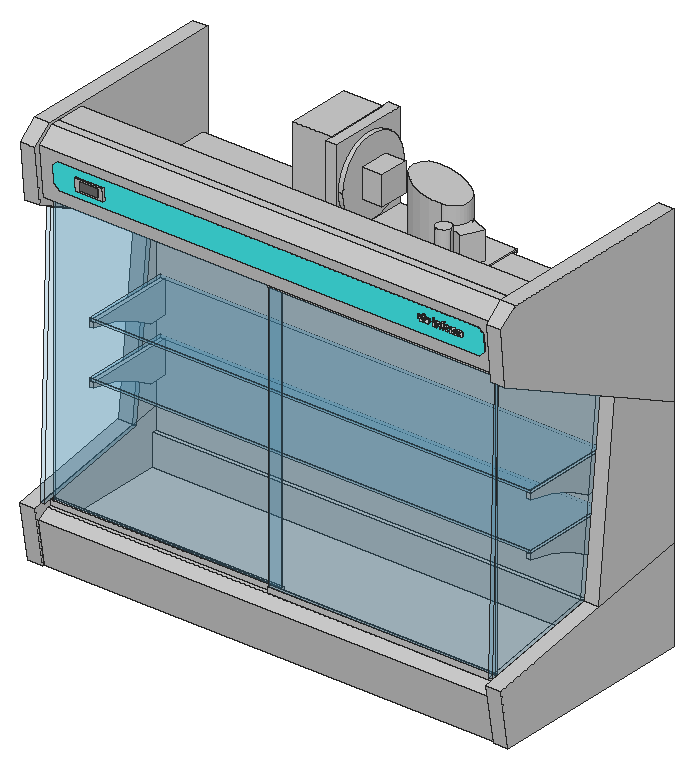
Revit family "QF_INFRICO_VMS1350I_250815025603", category Specialty Equipment, Revit 2021
Family settings
  Round Connector Dimension = Use Diameter
  Part Type = Normal
  OmniClass Number = 23.40.40.14
  OmniClass Title = Food Service Equipment
  Work Plane-Based = No
  Always vertical = Yes
  Cut with Voids When Loaded = No
  Shared = No
  Room Calculation Point = No
Parameters (values of type "VMS1350I")
  Weight [instance] = 121.00 kg
  Warranty Start Date [instance] = ""
  Warranty Duration [instance] = ""
  Volts [instance] = 230 V
  Volt Free Conn [instance] = no
  URL Recommended Spares List [instance] = ""
  URL Manufacturer [instance] = ""
  URL Cutsheet [instance] = ""
  URL Critical Spares List [instance] = ""
  URL = "www.infrico.com"
  Technical Documentation [instance] = ""
  Tag Number [instance] = ""
  Status [instance] = ""
  Start Up Current [instance] = 0 A
  Specification by User [instance] = ""
  Specification by Manufacturer [instance] = ""
  Sound Level [instance] = ""
  Show Logo [instance] = yes
  Show Clearances [instance] = yes
  Service Life Duration [instance] = ""
  Serial Number [instance] = ""
  Seismic Rating [instance] = ""
  SMACNA No [instance] = ""
  Revision Code [instance] = ""
  Revision [instance] = ""
  Production Year [instance] = ""
  Potential Equalisation [instance] = no
  Point Load [instance] = 0
  Phase [instance] = 1
  Other Equipment Approvals [instance] = ""
  Operational Current [instance] = 0 A
  Number of Poles [instance] = 2
  No Load Power Draw [instance] = no
  NAFEM Spec ID Number [instance] = ""
  Model Warning [instance] = ""
  Model = "VMS1350I"
  Min Ckt Ampacity [instance] = 0 A
  Max Overcurrent Protection [instance] = 0 A
  Masterspec [instance] = ""
  Manufacturer = "INFRICO"
  Main switch integrated [instance] = no
  Length Actual [instance] = 1337.056 mm
  Item Number [instance] = ""
  Installed By [instance] = ""
  Installation Date [instance] = ""
  Identify Quantity as Lot [instance] = no
  ID [instance] = ""
  Hygiene Approval [instance] = ""
  Height Actual [instance] = 1109.98 mm
  HP power [instance] = ""
  Furnished By [instance] = ""
  Foodservice Equipment Identifier [instance] = no
  FL Amps [instance] = 0 A
  Electrical Remarks [instance] = ""
  Electric power [instance] = 540 W
  Electric Connection Type [instance] = ""
  Elec Conn RI Height [instance] = 0 mm
  Elec Conn Connection Height [instance] = 0 mm
  ETL Approved [instance] = no
  Description = "WALL DISPLAY CASES - VMS SERIES - R134A"
  Depth Actual [instance] = 601.98 mm
  Default Elevation = 0 mm
  Cycle [instance] = 50 Hz
  Cost = 0
  Connection to energy optimisation system [instance] = yes
  Conn Plug [instance] = ""
  Conn Conduit [instance] = no
  Centralized building control system with digital interface [instance] = ""
  CSI MasterFormat [instance] = ""
  CE Approved [instance] = no
  Barcode [instance] = 0
  Author [instance] = ""
  Asset Identifier [instance] = ""
  Apparent Power [instance] = 540 VA
  Accessory [instance] = no
Reference planes
  plane 1 "Center (Front/Back)": y = 0
  plane 2: z = 0
  plane 3 "Center (Left/Right)": x = 0
Forms (mm)
  Extrusion 1, solid, not visible
    sketch origin (1247.061, -46.002, 68.003) x (1, 0, 0) y (0, 1, 0)
      loop
        line (-2, 2) -> (-2, -2) -> (2, -2) -> (2, 2) -> (-2, 2)
    from -2 to 2
Dimensions and locks
  locked: nested 2 to Extrusion 1 at 2  (x2)
  aligned and locked: level to plane 2
Nested families
  nested 1: "QF_INFRICO_VMS1350I_2920" at (0, 0, 0), type "VMS1350I"
    with Weight 121.00 kg, Warranty Start Date "", Warranty Duration "", URL Cutsheet "", Technical Documentation "", Tag Number "", Status "", Specification by User "", Specification by Manufacturer "", Sound Level "", Solid Fuel Type "", Show Logo yes, Show Clearances yes, Show Clearance yes, Service Life Duration "", Serial Number "", Seismic Rating "", SMACNA No "", Revision Code "", Revision "", Production Year "", Point Load 0, Other Equipment Approvals "", NAFEM Spec ID Number "", Model Warning "", Masterspec "", Length Actual 1337.056 mm, Item Number "", Installed By "", Installation Date "", Identify Quantity as Lot yes, ID "", Hygiene Approval "", Height Actual 1109.98 mm, Furnished By "", Foodservice Equipment Identifier yes, ETL Approved yes, Depth Actual 601.98 mm, CSI MasterFormat "", CE Approved no, Barcode "", Author "", Asset Identifier "", Accessory no
  nested 2: "CONN_POINT_ELE_2D___Generic_Annotation" at (1247.061, -46.002, 66.003), type "CONN_POINT_ELE_2D___Generic_Annotation"
    with Onboard connection annotation symbol visibility yes
Connectors
  electrical at (1247.061, -46.002, 66.003), driven by "Apparent Power", driven by "Number of Poles", driven by "Volts"
    settings: on Extrusion 1, index 1, voltage 230 V, apparent load 0 VA, apparent load phase1 540 VA, apparent load phase2 0 VA, apparent load phase3 0 VA, power factor 1, load classification "Other", number of poles 2, system type 31, power factor state 1, is connector primary yes, connector utility no, sub classification motor no, connector description "Electrical connection for VMS1350I"
Definition of nested family "QF_INFRICO_VMS1350I_2920"
  Parameters (values of type "VMS1350I")
    Weight [instance] = 0.00 kg
    Warranty Start Date [instance] = ""
    Warranty Duration [instance] = ""
    URL Cutsheet [instance] = ""
    URL = "www.jestic.co.uk"
    Technical Documentation [instance] = ""
    Tag Number [instance] = ""
    Status [instance] = ""
    Specification by User [instance] = ""
    Specification by Manufacturer [instance] = ""
    Sound Level [instance] = ""
    Solid Fuel Type [instance] = ""
    Show Logo [instance] = yes
    Show Clearances [instance] = yes
    Show Clearance [instance] = yes
    Service Life Duration [instance] = ""
    Serial Number [instance] = ""
    Seismic Rating [instance] = ""
    SMACNA No [instance] = ""
    Revision Code [instance] = ""
    Revision [instance] = ""
    Production Year [instance] = ""
    Point Load [instance] = 0
    Other Equipment Approvals [instance] = ""
    NAFEM Spec ID Number [instance] = ""
    Model Warning [instance] = ""
    Model = "VMS1350I"
    Masterspec [instance] = ""
    Manufacturer = "INFRICO"
    Length Actual [instance] = 0 mm
    Item Number [instance] = ""
    Installed By [instance] = ""
    Installation Date [instance] = ""
    Identify Quantity as Lot [instance] = yes
    ID [instance] = ""
    Hygiene Approval [instance] = ""
    Height Actual [instance] = 0 mm
    Furnished By [instance] = ""
    Foodservice Equipment Identifier [instance] = yes
    ETL Approved [instance] = yes
    Description = "WALL DISPLAY CASES - VMS SERIES - R134A"
    Depth Actual [instance] = 0 mm
    Default Elevation = 0 mm
    CSI MasterFormat [instance] = ""
    CE Approved [instance] = yes
    Barcode [instance] = ""
    Author [instance] = ""
    Asset Identifier [instance] = ""
    Assembly Code = "E1090320"
    Accessory [instance] = yes
  Reference planes
    plane 1 "Back": y = 0
    plane 2: z = 0
    plane 3 "Left": x = 0
    plane 4 "Right": x = 1337
    plane 5 "Front": y = -601.968
    plane 6 "Top": z = 1110
  Forms (mm)
    Extrusion 1, solid
      sketch origin (0, 0, 0) x (0, 1, 0) y (0, 0, 1)
        loop
          line (0, 1110) -> (-550, 1110) -> (-600, 1070) -> (-585, 920) -> (0, 628) -> (0, 1110)
      from 0 to 40
    Extrusion 2, solid
      sketch origin (0, 0, 0) x (0, 1, 0) y (0, 0, 1)
        loop
          line (-203, 729.326) -> (-258.935, 229.911) -> (0, 275.331) -> (0, 628) -> (-203, 729.326)
      from 0 to 40
    Extrusion 3, solid
      sketch origin (1297, 0, 0) x (0, 1, 0) y (0, 0, 1)
        loop
          line (0, 1110) -> (-550, 1110) -> (-600, 1070) -> (-585, 920) -> (0, 628) -> (0, 1110)
      from 0 to 40
    Extrusion 4, solid
      sketch origin (1297, 0, 0) x (0, 1, 0) y (0, 0, 1)
        loop
          line (-203, 729.326) -> (-258.935, 229.911) -> (0, 275.331) -> (0, 628) -> (-203, 729.326)
      from 0 to 40
    Extrusion 5, solid
      sketch origin (0, 0.742, 0) x (0, 1, 0) y (0, 0, 1)
        loop
          line (-538.742, 16) -> (-538.742, 156) -> (-558.742, 156) -> (-591.695, 136.598) -> (-570.742, 16) -> (-538.742, 16)
      from 40 to 1297
    Revolve 6, solid
      sketch origin (60, -117, 0) x (0, 1, 0) y (0, 0, 1)
        loop
          line (0, 0) -> (20, 0)
          arc (20, 0) -> (23.536, 1.464) -> (25, 5) r 5
          line (25, 5) -> (25, 10) -> (15, 10) -> (15, 15) -> (7, 15) -> (7, 16) -> (0, 16) -> (0, 0)
        axis (0, 0) -> (0, 16)
      angle from 0 to 360
    Revolve 7, solid
      sketch origin (60, -477, 0) x (0, 1, 0) y (0, 0, 1)
        loop
          line (0, 0) -> (20, 0)
          arc (20, 0) -> (23.536, 1.464) -> (25, 5) r 5
          line (25, 5) -> (25, 10) -> (15, 10) -> (15, 15) -> (7, 15) -> (7, 16) -> (0, 16) -> (0, 0)
        axis (0, 0) -> (0, 16)
      angle from 0 to 360
    Revolve 8, solid
      sketch origin (1284, -117, 0) x (0, 1, 0) y (0, 0, 1)
        loop
          line (0, 0) -> (20, 0)
          arc (20, 0) -> (23.536, 1.464) -> (25, 5) r 5
          line (25, 5) -> (25, 10) -> (15, 10) -> (15, 15) -> (7, 15) -> (7, 16) -> (0, 16) -> (0, 0)
        axis (0, 0) -> (0, 16)
      angle from 0 to 360
    Revolve 9, solid
      sketch origin (1284, -477, 0) x (0, 1, 0) y (0, 0, 1)
        loop
          line (0, 0) -> (20, 0)
          arc (20, 0) -> (23.536, 1.464) -> (25, 5) r 5
          line (25, 5) -> (25, 10) -> (15, 10) -> (15, 15) -> (7, 15) -> (7, 16) -> (0, 16) -> (0, 0)
        axis (0, 0) -> (0, 16)
      angle from 0 to 360
    Extrusion 10, solid
      sketch origin (341, -40, 0) x (1, 0, 0) y (0, 0, 1)
        loop
          line (932.5, 16) -> (953.5, 16)
          arc (953.5, 16) -> (955.268, 16.732) -> (956, 18.5) r 2.5
          line (956, 18.5) -> (956, 63.5)
          arc (956, 63.5) -> (955.268, 65.268) -> (953.5, 66) r 2.5
          line (953.5, 66) -> (932.5, 66)
          arc (932.5, 66) -> (930.732, 65.268) -> (930, 63.5) r 2.5
          line (930, 63.5) -> (930, 18.5)
          arc (930, 18.5) -> (930.732, 16.732) -> (932.5, 16) r 2.5
      from 0 to 500
    Extrusion 11, solid
      sketch origin (-883, -40, 0) x (1, 0, 0) y (0, 0, 1)
        loop
          line (932.5, 16) -> (953.5, 16)
          arc (953.5, 16) -> (955.268, 16.732) -> (956, 18.5) r 2.5
          line (956, 18.5) -> (956, 63.5)
          arc (956, 63.5) -> (955.268, 65.268) -> (953.5, 66) r 2.5
          line (953.5, 66) -> (932.5, 66)
          arc (932.5, 66) -> (930.732, 65.268) -> (930, 63.5) r 2.5
          line (930, 63.5) -> (930, 18.5)
          arc (930, 18.5) -> (930.732, 16.732) -> (932.5, 16) r 2.5
      from 0 to 500
    Extrusion 12, solid
      sketch origin (0, 0, 0) x (0, 1, 0) y (0, 0, 1)
        loop
          line (0, 275.331) -> (-601.968, 169.737) -> (-575, 16) -> (0, 16) -> (0, 275.331)
      from 0 to 40
    Extrusion 13, solid
      sketch origin (0, 0, 0) x (0, 1, 0) y (0, 0, 1)
        loop
          line (-40, 66) -> (-40, 106) -> (-138, 106) -> (-138, 66) -> (-40, 66)
      from 47 to 1297
    Extrusion 14, solid
      sketch origin (46, 0, 0) x (0, 1, 0) y (0, 0, 1)
        loop
          line (-540, 66) -> (-165, 66) -> (-165, 152) -> (-18, 152) -> (-18, 855) -> (-219, 855) -> (-441, 1029) -> (-520, 1029) -> (-520, 999) -> (-451.356, 999) -> (-229.356, 825) -> (-48, 825) -> (-48, 182) -> (-195, 182) -> (-195, 96) -> (-540, 96) -> (-540, 66)
      from -6 to 1251
    Extrusion 15, solid
      sketch origin (40, 0, 0) x (0, 1, 0) y (0, 0, 1)
        loop
          line (-203, 729.326) -> (-558, 906.523) -> (-579.202, 173.731) -> (-258.935, 229.911) -> (-203, 729.326)
      from 0 to 10
    Extrusion 16, solid
      sketch origin (1287, 0, 0) x (0, 1, 0) y (0, 0, 1)
        loop
          line (-203, 729.326) -> (-558, 906.523) -> (-579.202, 173.731) -> (-258.935, 229.911) -> (-203, 729.326)
      from 0 to 10
    Extrusion 17, solid
      sketch origin (0, 114.841, 59.047) x (0, 1, 0) y (0, 0, 1)
        loop
          line (-655.841, 875.953) -> (-655.841, 872.953) -> (-654.841, 872.953) -> (-654.841, 868.953) -> (-660.841, 868.953) -> (-660.841, 872.953) -> (-659.841, 872.953) -> (-659.841, 875.953) -> (-662.841, 875.953) -> (-662.841, 859.953) -> (-660.841, 859.953) -> (-660.841, 865.953) -> (-654.841, 865.953) -> (-654.841, 859.953) -> (-652.841, 859.953) -> (-652.841, 875.953) -> (-655.841, 875.953)
      from 40 to 682.5
    Extrusion 18, solid
      sketch origin (1037, 104.841, 59.047) x (0, 1, 0) y (0, 0, 1)
        loop
          line (-655.841, 875.953) -> (-655.841, 872.953) -> (-654.841, 872.953) -> (-654.841, 868.953) -> (-660.841, 868.953) -> (-660.841, 872.953) -> (-659.841, 872.953) -> (-659.841, 875.953) -> (-662.841, 875.953) -> (-662.841, 859.953) -> (-660.841, 859.953) -> (-660.841, 865.953) -> (-654.841, 865.953) -> (-654.841, 859.953) -> (-652.841, 859.953) -> (-652.841, 875.953) -> (-655.841, 875.953)
      from -382.5 to 260
    Extrusion 19, solid
      sketch origin (0, 0, 0) x (0, 1, 0) y (0, 0, 1)
        loop
          line (-540, 925) -> (-546, 925) -> (-546, 166) -> (-540, 166) -> (-540, 925)
      from 50 to 682.5
    Extrusion 20, solid
      sketch origin (780, -10, 0) x (0, 1, 0) y (0, 0, 1)
        loop
          line (-540, 925) -> (-546, 925) -> (-546, 166) -> (-540, 166) -> (-540, 925)
      from -125.5 to 507
    Extrusion 21, solid
      sketch origin (790, -1210.841, 1031.953) x (0, -1, 0) y (0, 0, -1)
        loop
          line (-655.841, 875.953) -> (-655.841, 872.953) -> (-654.841, 872.953) -> (-654.841, 868.953) -> (-660.841, 868.953) -> (-660.841, 872.953) -> (-659.841, 872.953) -> (-659.841, 875.953) -> (-662.841, 875.953) -> (-662.841, 859.953) -> (-660.841, 859.953) -> (-660.841, 865.953) -> (-654.841, 865.953) -> (-654.841, 859.953) -> (-652.841, 859.953) -> (-652.841, 875.953) -> (-655.841, 875.953)
      from -135.5 to 507
    Extrusion 22, solid
      sketch origin (247, -1200.841, 1031.953) x (0, -1, 0) y (0, 0, -1)
        loop
          line (-655.841, 875.953) -> (-655.841, 872.953) -> (-654.841, 872.953) -> (-654.841, 868.953) -> (-660.841, 868.953) -> (-660.841, 872.953) -> (-659.841, 872.953) -> (-659.841, 875.953) -> (-662.841, 875.953) -> (-662.841, 859.953) -> (-660.841, 859.953) -> (-660.841, 865.953) -> (-654.841, 865.953) -> (-654.841, 859.953) -> (-652.841, 859.953) -> (-652.841, 875.953) -> (-655.841, 875.953)
      from -207 to 435.5
    Extrusion 23, solid
      sketch origin (55, 557.372, 0) x (0, 1, 0) y (0, 0, 1)
        loop
          line (-737.372, 417.222) -> (-985.327, 417.222) -> (-985.327, 402.919)
          arc (-985.327, 402.919) -> (-882.245, 375.804) -> (-787.372, 327.222) r 494.358
          line (-787.372, 327.222) -> (-737.372, 327.222) -> (-737.372, 417.222)
      from 0 to 10
    Extrusion 24, solid
      sketch origin (55, 557.372, 150) x (0, 1, 0) y (0, 0, 1)
        loop
          line (-737.372, 417.222) -> (-985.327, 417.222) -> (-985.327, 402.919)
          arc (-985.327, 402.919) -> (-882.245, 375.804) -> (-787.372, 327.222) r 494.358
          line (-787.372, 327.222) -> (-737.372, 327.222) -> (-737.372, 417.222)
      from 0 to 10
    Extrusion 25, solid
      sketch origin (1272, 557.372, 0) x (0, 1, 0) y (0, 0, 1)
        loop
          line (-737.372, 417.222) -> (-985.327, 417.222) -> (-985.327, 402.919)
          arc (-985.327, 402.919) -> (-882.245, 375.804) -> (-787.372, 327.222) r 494.358
          line (-787.372, 327.222) -> (-737.372, 327.222) -> (-737.372, 417.222)
      from 0 to 10
    Extrusion 26, solid
      sketch origin (1272, 557.372, 150) x (0, 1, 0) y (0, 0, 1)
        loop
          line (-737.372, 417.222) -> (-985.327, 417.222) -> (-985.327, 402.919)
          arc (-985.327, 402.919) -> (-882.245, 375.804) -> (-787.372, 327.222) r 494.358
          line (-787.372, 327.222) -> (-737.372, 327.222) -> (-737.372, 417.222)
      from 0 to 10
    Extrusion 27, solid
      sketch origin (55, -132, 0) x (0, 1, 0) y (0, 0, 1)
        loop
          line (-48, 567.222) -> (-48, 575.222) -> (-295.955, 575.222) -> (-295.955, 567.222) -> (-48, 567.222)
      from 0 to 1227
    Extrusion 28, solid
      sketch origin (55, -132, -150) x (0, 1, 0) y (0, 0, 1)
        loop
          line (-48, 567.222) -> (-48, 575.222) -> (-295.955, 575.222) -> (-295.955, 567.222) -> (-48, 567.222)
      from 0 to 1227
    Extrusion 29, solid
      sketch origin (0, 0, 0) x (0, 1, 0) y (0, 0, 1)
        loop
          line (-180, 182) -> (-178, 182) -> (-178, 825) -> (-180, 825) -> (-180, 182)
      from 40 to 1297
    Extrusion 30, solid
      sketch origin (0, 0, 0) x (0, 1, 0) y (0, 0, 1)
        loop
          line (-520, 935) -> (-520, 1105) -> (-545.243, 1105) -> (-587.703, 1071.032) -> (-574.1, 935) -> (-520, 935)
      from 40 to 1297
    Extrusion 31, solid
      sketch origin (0, -465.314, -133.769) x (1, 0, 0) y (0, -0.099504, 0.995037)
        loop
          line (90, 1110) -> (1261, 1110) -> (1276, 1125) -> (1276, 1171) -> (1261, 1186) -> (90, 1186) -> (75, 1171) -> (75, 1125) -> (90, 1110)
      from 0 to 2
    Extrusion 32, solid
      sketch origin (-32.972, -1586.386, 857) x (1, 0, 0) y (0, 1, 0)
        loop
          arc (734.569, 1457.404) -> (800.783, 1406.315) -> (882.589, 1388.933) r 188.336
          arc (882.589, 1388.933) -> (920.923, 1414.029) -> (914.569, 1459.404) r 42.779
          arc (914.569, 1459.404) -> (848.552, 1509.581) -> (767.569, 1527.404) r 192.89
          arc (767.569, 1527.404) -> (728.875, 1502.867) -> (734.569, 1457.404) r 42.779
      from 0 to 180
    Extrusion 33, solid
      sketch origin (0, 0, 0) x (0, 1, 0) y (0, 0, 1)
        loop
          line (-520, 1105) -> (-520, 1103) -> (-443, 1103) -> (-443, 1029) -> (-441, 1029) -> (-441, 1105) -> (-520, 1105)
      from 40 to 1297
    Extrusion 34, solid
      sketch origin (177.774, 0, 912) x (1, 0, 0) y (0, 1, 0)
        loop
          line (686.595, -194.601) -> (697.779, -199.676) -> (739.411, -218.569) -> (764.205, -163.931) -> (722.574, -145.039) -> (711.389, -139.963)
          arc (711.389, -139.963) -> (710.177, -172.358) -> (686.595, -194.601) r 42.779
      from 0 to 78
    Extrusion 35, solid
      sketch origin (177.774, 0, 912) x (1, 0, 0) y (0, 1, 0)
        loop
          circle (697.672, -221.587) r 20
      from 0 to 90
    Extrusion 36, solid
      sketch origin (304.421, 29.305, 857) x (1, 0, 0) y (0, 1, 0)
        loop
          line (131.558, -50.305) -> (131.558, -226.305) -> (239.558, -226.305) -> (239.558, -50.305) -> (131.558, -50.305)
      from 0 to 240
    Extrusion 37, solid
      sketch origin (304.421, 29.305, 857) x (1, 0, 0) y (0, 1, 0)
        loop
          line (239.558, -29.305) -> (239.558, -247.305) -> (269.558, -247.305) -> (269.558, -29.305) -> (239.558, -29.305)
      from 0 to 240
    Extrusion 38, solid
      sketch origin (573.979, -529.434, -522.435) x (0, 1, 0) y (0, 0, 1)
        loop
          circle (420.434, 1499.435) r 106
      from 0 to 15
    Extrusion 39, solid
      sketch origin (588.979, -109.799, -234.952) x (0, 1, 0) y (0, 0, 1)
        loop
          line (41.299, 1252.452) -> (-39.701, 1252.452) -> (-39.701, 1171.452) -> (41.299, 1171.452) -> (41.299, 1252.452)
      from 0 to 57
    Extrusion 40, solid
      sketch origin (304.421, 0, 0) x (0, 1, 0) y (0, 0, 1)
        loop
          line (-219, 855) -> (-2, 855) -> (-2, 847) -> (0, 847) -> (0, 857) -> (-219, 857) -> (-219, 855)
      from 131.558 to 597.558
    Extrusion 41, solid, visible <- "Show Logo"
      sketch origin (-71.72, -509.418, 307.245) x (1, 0, 0) y (0, -0.099504, 0.995037)
        loop
          line (1208.799, 696.53) -> (1208.799, 719.204) -> (1204.173, 719.204) -> (1204.173, 696.53) -> (1208.799, 696.53)
        loop
          line (1214.779, 713.006) -> (1211.283, 713.006) -> (1211.283, 696.53) -> (1215.772, 696.53) -> (1215.772, 707.832)
          arc (1215.772, 707.832) -> (1217.528, 708.741) -> (1219.417, 709.324) r 11.052
          arc (1219.417, 709.324) -> (1220.929, 708.961) -> (1221.598, 707.557) r 1.806
          line (1221.598, 707.557) -> (1221.598, 696.53) -> (1226.121, 696.53) -> (1226.121, 708.689)
          arc (1226.121, 708.689) -> (1224.637, 712.075) -> (1221.141, 713.281) r 4.607
          arc (1221.141, 713.281) -> (1218.282, 712.674) -> (1215.669, 711.361) r 11.435
          line (1215.669, 711.361) -> (1215.601, 712.184)
          arc (1215.601, 712.184) -> (1215.36, 712.765) -> (1214.779, 713.006) r 0.822
        loop
          line (1238.557, 720.102) -> (1237.306, 720.102)
          arc (1237.306, 720.102) -> (1235.052, 719.926) -> (1232.881, 719.297) r 11.103
          arc (1232.881, 719.297) -> (1230.805, 717.616) -> (1230.024, 715.062) r 4.567
          line (1230.024, 715.062) -> (1230.024, 712.909) -> (1227.351, 712.703) -> (1227.351, 709.374) -> (1230.024, 709.374) -> (1230.024, 696.53) -> (1234.547, 696.53) -> (1234.547, 709.374) -> (1238.249, 709.374) -> (1238.249, 712.938) -> (1234.547, 712.938) -> (1234.547, 714.548)
          arc (1234.547, 714.548) -> (1234.956, 715.705) -> (1236.045, 716.271) r 1.67
          line (1236.045, 716.271) -> (1237.7, 716.399)
          arc (1237.7, 716.399) -> (1238.306, 716.65) -> (1238.557, 717.255) r 0.857
          line (1238.557, 717.255) -> (1238.557, 720.102)
        loop
          line (1239.479, 713.006) -> (1239.479, 696.53) -> (1243.968, 696.53) -> (1243.968, 707.352)
          arc (1243.968, 707.352) -> (1245.873, 708.631) -> (1248.077, 709.268) r 7.435
          line (1248.077, 709.268) -> (1249.241, 709.416)
          arc (1249.241, 709.416) -> (1249.643, 709.758) -> (1249.793, 710.265) r 0.928
          line (1249.793, 710.265) -> (1249.793, 712.458)
          arc (1249.793, 712.458) -> (1249.531, 713.061) -> (1248.912, 713.28) r 0.824
          arc (1248.912, 713.28) -> (1246.197, 712.588) -> (1243.899, 710.984) r 7.833
          line (1243.899, 710.984) -> (1243.726, 713.006) -> (1239.479, 713.006)
        loop
          line (1255.495, 696.53) -> (1255.495, 713.006) -> (1251.006, 713.006) -> (1251.006, 696.53) -> (1255.495, 696.53)
        loop
          arc (1257.421, 701.327) -> (1258.567, 698.188) -> (1261.466, 696.525) r 4.873
          arc (1261.466, 696.525) -> (1264.493, 696.266) -> (1267.521, 696.525) r 17.816
          arc (1267.521, 696.525) -> (1270.575, 699.134) -> (1271.505, 703.041) r 6.481
          line (1271.505, 703.041) -> (1267.187, 703.041) -> (1267.187, 701.67)
          arc (1267.187, 701.67) -> (1266.64, 700.452) -> (1265.442, 699.865) r 1.965
          arc (1265.442, 699.865) -> (1264.547, 699.816) -> (1263.653, 699.865) r 8.196
          arc (1263.653, 699.865) -> (1262.417, 700.415) -> (1261.91, 701.67) r 1.806
          line (1261.91, 701.67) -> (1261.91, 707.9)
          arc (1261.91, 707.9) -> (1262.417, 709.155) -> (1263.653, 709.705) r 1.806
          arc (1263.653, 709.705) -> (1264.547, 709.754) -> (1265.442, 709.705) r 8.196
          arc (1265.442, 709.705) -> (1266.64, 709.118) -> (1267.187, 707.9) r 1.965
          line (1267.187, 707.9) -> (1267.187, 706.838) -> (1271.505, 706.838)
          arc (1271.505, 706.838) -> (1270.524, 710.556) -> (1267.521, 712.959) r 6.132
          arc (1267.521, 712.959) -> (1264.493, 713.294) -> (1261.466, 712.959) r 13.851
          arc (1261.466, 712.959) -> (1258.571, 711.349) -> (1257.421, 708.243) r 4.772
          line (1257.421, 708.243) -> (1257.421, 701.327)
        loop
          arc (1272.916, 701.329) -> (1273.993, 698.345) -> (1276.726, 696.734) r 4.676
          arc (1276.726, 696.734) -> (1278.515, 696.455) -> (1280.318, 696.291) r 28.371
          arc (1280.318, 696.291) -> (1282.122, 696.455) -> (1283.911, 696.734) r 28.371
          arc (1283.911, 696.734) -> (1286.644, 698.345) -> (1287.72, 701.329) r 4.676
          line (1287.72, 701.329) -> (1287.72, 708.242)
          arc (1287.72, 708.242) -> (1286.644, 711.226) -> (1283.911, 712.837) r 4.676
          arc (1283.911, 712.837) -> (1282.122, 713.116) -> (1280.318, 713.28) r 28.371
          arc (1280.318, 713.28) -> (1278.515, 713.116) -> (1276.726, 712.837) r 28.371
          arc (1276.726, 712.837) -> (1273.993, 711.226) -> (1272.916, 708.242) r 4.676
          line (1272.916, 708.242) -> (1272.916, 701.329)
        loop
          line (1277.405, 707.866) -> (1277.405, 701.705)
          arc (1277.405, 701.705) -> (1277.844, 700.556) -> (1278.936, 699.991) r 1.725
          arc (1278.936, 699.991) -> (1279.627, 699.918) -> (1280.318, 699.856) r 46.133
          arc (1280.318, 699.856) -> (1281.01, 699.918) -> (1281.701, 699.991) r 46.133
          arc (1281.701, 699.991) -> (1282.793, 700.556) -> (1283.231, 701.705) r 1.725
          line (1283.231, 701.705) -> (1283.231, 707.866)
          arc (1283.231, 707.866) -> (1282.793, 709.015) -> (1281.701, 709.58) r 1.725
          arc (1281.701, 709.58) -> (1281.01, 709.653) -> (1280.318, 709.716) r 46.133
          arc (1280.318, 709.716) -> (1279.627, 709.653) -> (1278.936, 709.58) r 46.133
          arc (1278.936, 709.58) -> (1277.844, 709.015) -> (1277.405, 707.866) r 1.725
        loop
          arc (1190.339, 696.543) -> (1191.411, 696.987) -> (1191.856, 698.059) r 1.516
          line (1191.856, 698.059) -> (1191.856, 703.891) -> (1196.035, 703.891)
          arc (1196.035, 703.891) -> (1196.79, 704.121) -> (1197.218, 704.782) r 1.147
          line (1197.218, 704.782) -> (1197.218, 706.211)
          arc (1197.218, 706.211) -> (1196.787, 707.258) -> (1195.719, 707.634) r 1.385
          line (1195.719, 707.634) -> (1194.52, 707.634) -> (1197.218, 710.332)
          arc (1197.218, 710.332) -> (1197.605, 711.266) -> (1197.218, 712.2) r 1.321
          line (1197.218, 712.2) -> (1196.495, 712.923)
          arc (1196.495, 712.923) -> (1195.54, 713.338) -> (1194.558, 712.991) r 1.422
          line (1194.558, 712.991) -> (1191.853, 710.286) -> (1191.853, 711.479)
          arc (1191.853, 711.479) -> (1191.443, 712.516) -> (1190.435, 712.992) r 1.516
          line (1190.435, 712.992) -> (1189.514, 712.992)
          arc (1189.514, 712.992) -> (1188.511, 712.514) -> (1188.103, 711.479) r 1.516
          line (1188.103, 711.479) -> (1188.103, 706.83) -> (1182.073, 701.336) -> (1182.073, 707.509) -> (1185.639, 711.075)
          arc (1185.639, 711.075) -> (1186.053, 712.073) -> (1185.639, 713.071) r 1.412
          line (1185.639, 713.071) -> (1184.987, 713.723)
          arc (1184.987, 713.723) -> (1183.939, 714.141) -> (1182.915, 713.667) r 1.428
          line (1182.915, 713.667) -> (1182.073, 712.825) -> (1182.073, 717.784)
          arc (1182.073, 717.784) -> (1181.658, 718.787) -> (1180.655, 719.203) r 1.418
          line (1180.655, 719.203) -> (1179.726, 719.203)
          arc (1179.726, 719.203) -> (1178.723, 718.787) -> (1178.308, 717.784) r 1.418
          line (1178.308, 717.784) -> (1178.308, 712.825) -> (1177.466, 713.667)
          arc (1177.466, 713.667) -> (1176.442, 714.141) -> (1175.394, 713.723) r 1.428
          line (1175.394, 713.723) -> (1174.742, 713.071)
          arc (1174.742, 713.071) -> (1174.328, 712.073) -> (1174.742, 711.075) r 1.412
          line (1174.742, 711.075) -> (1178.308, 707.509) -> (1178.308, 701.336) -> (1172.278, 706.83) -> (1172.278, 711.479)
          arc (1172.278, 711.479) -> (1171.87, 712.514) -> (1170.867, 712.992) r 1.516
          line (1170.867, 712.992) -> (1169.946, 712.992)
          arc (1169.946, 712.992) -> (1168.938, 712.516) -> (1168.528, 711.479) r 1.516
          line (1168.528, 711.479) -> (1168.528, 710.286) -> (1165.823, 712.991)
          arc (1165.823, 712.991) -> (1164.841, 713.338) -> (1163.886, 712.923) r 1.422
          line (1163.886, 712.923) -> (1163.163, 712.2)
          arc (1163.163, 712.2) -> (1162.776, 711.266) -> (1163.163, 710.332) r 1.321
          line (1163.163, 710.332) -> (1165.861, 707.634) -> (1164.662, 707.634)
          arc (1164.662, 707.634) -> (1163.594, 707.258) -> (1163.163, 706.211) r 1.385
          line (1163.163, 706.211) -> (1163.163, 704.782)
          arc (1163.163, 704.782) -> (1163.591, 704.121) -> (1164.346, 703.891) r 1.147
          line (1164.346, 703.891) -> (1168.525, 703.891) -> (1168.525, 698.059)
          arc (1168.525, 698.059) -> (1168.969, 696.987) -> (1170.042, 696.543) r 1.516
          line (1170.042, 696.543) -> (1190.339, 696.543)
      from 0 to 2
    Extrusion 42, solid
      sketch origin (1297, 0, 0) x (0, 1, 0) y (0, 0, 1)
        loop
          line (0, 275.331) -> (-601.968, 169.737) -> (-575, 16) -> (0, 16) -> (0, 275.331)
      from 0 to 40
    Extrusion 43, solid
      sketch origin (-1058.751, -520.084, 393.839) x (1, 0, 0) y (0, -0.099504, 0.995037)
        loop
          arc (1199.261, 600.555) -> (1237.261, 599.555) -> (1275.261, 600.555) r 722.5
          arc (1275.261, 600.555) -> (1276.261, 617.555) -> (1275.261, 634.555) r 145
          arc (1275.261, 634.555) -> (1237.261, 635.555) -> (1199.261, 634.555) r 722.5
          arc (1199.261, 634.555) -> (1198.261, 617.555) -> (1199.261, 600.555) r 145
      from 0 to 5
    Extrusion 44, solid
      sketch origin (-1058.751, -523.169, 393.53) x (1, 0, 0) y (0, -0.099504, 0.995037)
        loop
          line (1212.261, 629.555) -> (1212.261, 605.555) -> (1262.261, 605.555) -> (1262.261, 629.555) -> (1212.261, 629.555)
      from 0 to 2
  Lines and regions (mm)
    symbolic lines
      curve 1: line (0, 0, 0) -> (40, 0, 0)
      curve 2: line (40, 0, 0) -> (40, -18, 0)
      curve 3: line (40, -18, 0) -> (435.979, -18, 0)
      curve 4: line (435.979, -18, 0) -> (435.979, 0, 0)
      curve 5: line (435.979, 0, 0) -> (901.979, 0, 0)
      curve 6: line (901.979, 0, 0) -> (901.979, -18, 0)
      curve 7: line (901.979, -18, 0) -> (1297, -18, 0)
      curve 8: line (1297, -18, 0) -> (1297, 0, 0)
      curve 9: line (1297, 0, 0) -> (1337, 0, 0)
      curve 10: line (1337, 0, 0) -> (1337, -601.968, 0)
      curve 11: line (1337, -601.968, 0) -> (1297, -601.968, 0)
      curve 12: line (1297, -601.968, 0) -> (1297, -590.953, 0)
      curve 13: line (1297, -590.953, 0) -> (40, -590.953, 0)
      curve 14: line (40, -590.953, 0) -> (40, -601.968, 0)
      curve 15: line (40, -601.968, 0) -> (0, -601.968, 0)
      curve 16: line (0, -601.968, 0) -> (0, 0, 0)
      curve 17: arc (701.597, -128.982, 0) -> (767.811, -180.071, 0) -> (849.617, -197.454, 0) r 188.336
      curve 18: arc (734.597, -58.982, 0) -> (695.903, -83.519, 0) -> (701.597, -128.982, 0) r 42.779
      curve 19: arc (881.597, -126.982, 0) -> (815.58, -76.805, 0) -> (734.597, -58.982, 0) r 192.89
      curve 20: arc (849.617, -197.454, 0) -> (887.951, -172.358, 0) -> (881.597, -126.982, 0) r 42.779
      curve 21: circle (875.447, -221.587, 0) r 20 normal (0, 0, 1)
      curve 22: line (917.185, -218.569, 0) -> (941.979, -163.931, 0)
      curve 23: line (864.369, -194.601, 0) -> (917.185, -218.569, 0)
      curve 24: line (941.979, -163.931, 0) -> (889.163, -139.963, 0)
      curve 25: line (901.979, -145.779, 0) -> (901.979, -18, 0)
      curve 26: line (435.979, -21, 0) -> (435.979, -219, 0)
      curve 27: line (40, -219, 0) -> (855.615, -219, 0)
      curve 28: line (895.279, -219, 0) -> (1297, -219, 0)
      curve 29: line (645.979, -149.5, 0) -> (645.979, -68.5, 0)
      curve 30: line (588.979, -149.5, 0) -> (645.979, -149.5, 0)
      curve 31: line (645.979, -68.5, 0) -> (588.979, -68.5, 0)
      curve 32: line (588.979, -219, 0) -> (588.979, 0, 0)
      curve 33: line (543.979, 0, 0) -> (543.979, -219, 0)
      curve 34: line (543.979, -21, 0) -> (435.979, -21, 0)
      curve 35: line (435.979, -197, 0) -> (543.979, -197, 0)
      curve 36: line (1297, -441, 0) -> (40, -441, 0)
      curve 37: line (40, -520, 0) -> (1297, -520, 0)
      curve 38: line (1297, -545, 0) -> (40, -545, 0)
      curve 39: line (40, -590.953, 0) -> (40, -18, 0)
      curve 40: line (1297, -18, 0) -> (1297, -590.953, 0)
  Dimensions and locks
    plane 1 "Back" to plane 5 "Front" = 601.968 mm  (x2)
    plane 3 "Left" to plane 4 "Right" = 1337 mm
    plane 6 "Top" to level = 1110 mm  (x2)
    plane 4 "Right" to plane 3 "Left" = 1337 mm
    aligned and locked: level to plane 2
Definition of nested family "CONN_POINT_ELE_2D___Generic_Annotation"
  Parameters (values of type "CONN_POINT_ELE_2D___Generic_Annotation")
    Onboard connection annotation symbol visibility [instance] = yes
  Reference planes
    plane 1: y = 0
    plane 2: x = 0
  Lines and regions (mm)
    detail lines, visible <- "Onboard connection annotation symbol visibility"
      curve 1: circle (0, 0, 0) r 0.5 normal (0, 0, 1)
      curve 2: line (-1, 0, 0) -> (1, 0, 0)
      curve 3: line (0, 1, 0) -> (0, -1, 0)
      curve 4: line (2.5, 1, 0) -> (1.25, 1, 0)
      curve 5: line (1.25, 1, 0) -> (1.25, -1, 0)
      curve 6: line (1.25, -1, 0) -> (2.5, -1, 0)
      curve 7: line (1.25, 0, 0) -> (2, 0, 0)
